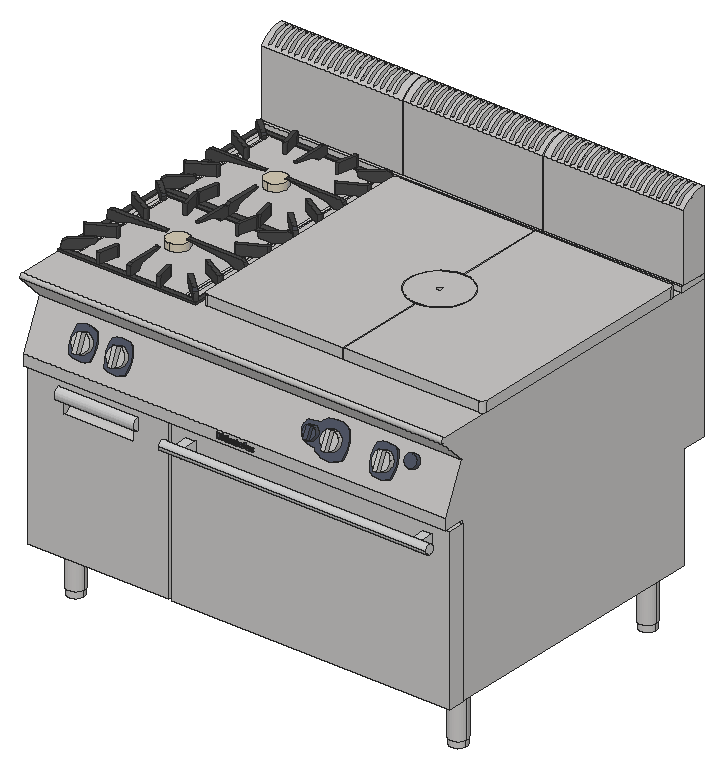
Revit family "QF_ELECTROLUXPROFESSIONAL_391215_E9STGL3031", category Specialty Equipment, Revit 2018 (continued)
Definition of nested family "371009_BURNER"
  Lines and regions (mm)
    symbolic lines
      curve 19: arc (201.85, -176.674, 150) -> (196.85, -171.674, 150) -> (191.85, -176.674, 150) r 5
      curve 20: arc (201.85, -134.556, 150) -> (196.85, -139.556, 150) -> (191.85, -134.556, 150) r 5
      curve 21: line (191.85, -15, 150) -> (118.623, -15, 150)
      curve 22: arc (201.85, -29.042, 150) -> (213.272, -50.008, 150) -> (201.85, -70.973, 150) r 24.953
      curve 23: arc (213.086, -53.048, 150) -> (214.5, -50.008, 150) -> (213.086, -46.967, 150) r 3.975
      curve 24: arc (191.85, -29.852, 150) -> (181.339, -50.008, 150) -> (191.85, -70.163, 150) r 24.58
      curve 25: arc (181.527, -53.042, 150) -> (179.976, -50.008, 150) -> (181.527, -46.973, 150) r 3.745
      curve 26: line (191.85, -0.794, 150) -> (191.85, -134.556, 150)
      curve 27: line (191.85, -350, 150) -> (201.85, -350, 150)
      curve 28: line (191.85, -11.007, 150) -> (201.85, -11.007, 150)
      curve 29: line (191.85, -0.794, 150) -> (201.85, -0.794, 150)
      curve 30: line (201.85, -340.6, 150) -> (275.077, -340.6, 150)
      curve 31: arc (196.85, -145.397, 0) -> (166.955, -172.888, 0) -> (191.85, -204.977, 0) r 30
      curve 32: arc (201.85, -204.977, 0) -> (226.745, -172.888, 0) -> (196.85, -145.397, 0) r 30
      curve 33: arc (158.678, -180.397, 0) -> (170.734, -200.207, 0) -> (191.85, -209.795, 0) r 39.375
      curve 34: line (163.825, -170.397, 150) -> (163.825, -15, 150)
      curve 35: line (229.875, -170.397, 150) -> (229.875, -15, 150)
      curve 36: line (144.775, -170.397, 150) -> (144.775, -15, 150)
      curve 37: line (248.925, -170.397, 150) -> (248.925, -15, 150)
      curve 38: arc (145.678, -180.397, 0) -> (161.728, -209.187, 0) -> (191.85, -222.573, 0) r 52.075
      curve 39: arc (201.85, -209.795, 0) -> (222.966, -200.207, 0) -> (235.022, -180.397, 0) r 39.375
      curve 40: arc (201.85, -222.573, 0) -> (231.931, -209.224, 0) -> (248.001, -180.504, 0) r 52.075
      curve 41: line (393.7, 0, 0) -> (0, 0, 0)
      curve 42: line (70.445, -122.149, 0) -> (7.81, -87.734, 0)
      curve 43: arc (7.81, -87.734, 0) -> (1.021, -89.708, 0) -> (2.995, -96.498, 0) r 5
      curve 44: line (2.995, -96.498, 0) -> (65.629, -130.914, 0)
      curve 45: arc (65.629, -130.914, 0) -> (72.419, -128.939, 0) -> (70.445, -122.149, 0) r 5
      curve 46: line (65.629, -224.686, 0) -> (2.995, -259.102, 0)
      curve 47: arc (2.995, -259.102, 0) -> (1.021, -265.892, 0) -> (7.81, -267.866, 0) r 5
      curve 48: line (7.81, -267.866, 0) -> (70.445, -233.451, 0)
      curve 49: arc (70.445, -233.451, 0) -> (72.419, -226.661, 0) -> (65.629, -224.686, 0) r 5
      curve 50: line (323.255, -122.149, 0) -> (385.89, -87.734, 0)
      curve 51: arc (385.89, -87.734, 0) -> (392.679, -89.708, 0) -> (390.705, -96.498, 0) r 5
      curve 52: line (390.705, -96.498, 0) -> (328.071, -130.914, 0)
      curve 53: arc (328.071, -130.914, 0) -> (321.281, -128.939, 0) -> (323.255, -122.149, 0) r 5
      curve 54: line (328.071, -224.686, 0) -> (390.705, -259.102, 0)
      curve 55: arc (390.705, -259.102, 0) -> (392.679, -265.892, 0) -> (385.89, -267.866, 0) r 5
      curve 56: line (385.89, -267.866, 0) -> (323.255, -233.451, 0)
      curve 57: arc (323.255, -233.451, 0) -> (321.281, -226.661, 0) -> (328.071, -224.686, 0) r 5
      curve 58: line (118.623, -340.6, 150) -> (191.85, -340.6, 150)
      curve 59: line (285.34, -340.6, 150) -> (369.633, -340.6, 150)
      curve 60: line (378.7, -335.314, 0) -> (378.7, -263.916, 0)
      curve 61: line (1.326, -7.935, 0) -> (58.752, -59.804, 0)
      curve 62: line (65.455, -52.383, 0) -> (8.029, -0.514, 0)
      curve 63: arc (58.752, -59.804, 0) -> (65.814, -59.445, 0) -> (65.455, -52.383, 0) r 5
      curve 64: line (1.326, -7.935, 0) -> (8.029, -0.514, 0)
      curve 65: line (392.374, -7.935, 0) -> (334.948, -59.804, 0)
      curve 66: line (328.245, -52.383, 0) -> (385.671, -0.514, 0)
      curve 67: arc (334.948, -59.804, 0) -> (327.886, -59.445, 0) -> (328.245, -52.383, 0) r 5
      curve 68: line (392.374, -7.935, 0) -> (385.671, -0.514, 0)
      curve 69: line (392.374, -347.665, 0) -> (334.948, -295.796, 0)
      curve 70: line (328.245, -303.217, 0) -> (385.671, -355.086, 0)
      curve 71: arc (334.948, -295.796, 0) -> (327.886, -296.155, 0) -> (328.245, -303.217, 0) r 5
      curve 72: line (392.374, -347.665, 0) -> (385.671, -355.086, 0)
      curve 73: line (1.326, -347.665, 0) -> (58.752, -295.796, 0)
      curve 74: line (65.455, -303.217, 0) -> (8.029, -355.086, 0)
      curve 75: arc (58.752, -295.796, 0) -> (65.814, -296.155, 0) -> (65.455, -303.217, 0) r 5
      curve 76: line (1.326, -347.665, 0) -> (8.029, -355.086, 0)
      curve 77: line (347.901, -15, 0) -> (347.901, -34.629, 0)
      curve 78: line (347.901, -320.971, 0) -> (347.901, -340.6, 0)
      curve 79: line (378.7, -252.506, 0) -> (378.7, -180.397, 0)
      curve 80: line (347.901, -246.993, 0) -> (347.901, -307.496, 0)
      curve 81: line (378.7, -170.397, 0) -> (378.7, -103.094, 0)
      curve 82: line (347.901, -180.397, 0) -> (347.901, -235.582, 0)
      curve 83: line (378.7, -91.684, 0) -> (378.7, -20.286, 0)
      curve 84: line (347.901, -120.018, 0) -> (347.901, -170.397, 0)
      curve 85: line (347.901, -48.104, 0) -> (347.901, -108.607, 0)
      curve 86: line (275.077, -15, 150) -> (201.85, -15, 150)
      curve 87: line (108.36, -15, 150) -> (24.067, -15, 150)
      curve 88: line (45.799, -40, 150) -> (45.799, -15, 150)
      curve 89: line (45.799, -108.607, 150) -> (45.799, -40, 150)
      curve 90: line (15, -20.286, 0) -> (15, -91.684, 0)
      curve 91: line (15, -103.094, 0) -> (15, -170.397, 0)
      curve 92: line (45.799, -170.397, 150) -> (45.799, -120.018, 150)
      curve 93: line (45.799, -235.582, 150) -> (45.799, -180.397, 150)
      curve 94: line (15, -263.916, 150) -> (15, -335.314, 150)
      curve 95: line (45.799, -307.496, 150) -> (45.799, -246.993, 150)
      curve 96: line (116.378, -350.325, 0) -> (127.56, -301.889, 0)
      curve 97: arc (127.56, -301.889, 0) -> (123.813, -295.892, 0) -> (117.816, -299.64, 0) r 5
      curve 98: line (117.816, -299.64, 0) -> (106.634, -348.076, 0)
      curve 99: arc (106.634, -348.076, 0) -> (110.381, -354.072, 0) -> (116.378, -350.325, 0) r 5
      curve 100: line (266.14, -301.889, 0) -> (277.322, -350.325, 0)
      curve 101: arc (277.322, -350.325, 0) -> (283.319, -354.072, 0) -> (287.066, -348.076, 0) r 5
      curve 102: line (287.066, -348.076, 0) -> (275.884, -299.64, 0)
      curve 103: arc (275.884, -299.64, 0) -> (269.887, -295.892, 0) -> (266.14, -301.889, 0) r 5
      curve 104: line (275.884, -55.96, 0) -> (287.066, -7.524, 0)
      curve 105: arc (287.066, -7.524, 0) -> (283.319, -1.528, 0) -> (277.322, -5.275, 0) r 5
      curve 106: line (277.322, -5.275, 0) -> (266.14, -53.711, 0)
      curve 107: arc (266.14, -53.711, 0) -> (269.887, -59.708, 0) -> (275.884, -55.96, 0) r 5
      curve 108: line (127.56, -53.711, 0) -> (116.378, -5.275, 0)
      curve 109: arc (116.378, -5.275, 0) -> (110.381, -1.528, 0) -> (106.634, -7.524, 0) r 5
      curve 110: line (106.634, -7.524, 0) -> (117.816, -55.96, 0)
      curve 111: arc (117.816, -55.96, 0) -> (123.813, -59.708, 0) -> (127.56, -53.711, 0) r 5
  Dimensions and locks
    equal spacing: plane 3 "LEFT", plane 7 "Center Y", plane 4 "RIGHT"
    plane 3 "LEFT" to plane 4 "RIGHT" = 393.7 mm
    equal spacing: plane 5 "FRONT", plane 8 "Center X", plane 1 "BACK"
    plane 5 "FRONT" to plane 1 "BACK" = 355.6 mm
    plane 6 "TOP" to level = 908.85 mm
    plane 9 "Base" to level = 150 mm
    plane 6 "TOP" to plane 10 = 58 mm  (x2)
    locked: Extrusion 4 sketch curve to plane 7 "Center Y" at 0
    aligned and locked: level to plane 2
  Automatic sketch dimensions
    curve 10 to plane 4 "RIGHT" = 0 mm
    curve 20 to plane 7 "Center Y" = 0 mm
    curve 19 to plane 7 "Center Y" = 0 mm
    curve 9 to plane 3 "LEFT" = 0 mm
    plane 1 "BACK" to curve 2 = 0 mm
    plane 1 "BACK" to curve 3 = 0 mm
    plane 5 "FRONT" to curve 2 = 0 mm
    curve 4 to plane 4 "RIGHT" = 24.067 mm
    curve 59 to plane 4 "RIGHT" = 24.067 mm
    plane 1 "BACK" to curve 37 = 15 mm
    plane 7 "Center Y" to curve 37 = 52.075 mm
    curve 37 to curve 7 = 12.7 mm
    curve 7 to curve 35 = 6.35 mm
    plane 8 "Center X" to curve 15 = 2.35 mm
    curve 35 to curve 15 = 1.6 mm
    plane 7 "Center Y" to curve 23 = 16.236 mm
    curve 23 to curve 23 = 0 mm
    curve 23 to curve 23 = 2.56 mm
    curve 23 to curve 24 = 4.607 mm
    plane 7 "Center Y" to curve 86 = 5 mm
    plane 7 "Center Y" to curve 27 = 5 mm
    curve 22 to plane 7 "Center Y" = 8.531 mm
    curve 22 to curve 25 = 4.597 mm
    curve 25 to curve 25 = 2.194 mm  (x2)
    curve 9 to plane 8 "Center X" = 2.597 mm
    curve 17 to curve 9 = 24.626 mm
    curve 21 to curve 34 = 28.025 mm
    curve 34 to curve 6 = 6.35 mm
    plane 8 "Center X" to curve 36 = 7.403 mm
    curve 6 to curve 36 = 12.7 mm
    plane 3 "LEFT" to curve 12 = 45.799 mm
    plane 3 "LEFT" to curve 87 = 24.067 mm
    plane 3 "LEFT" to curve 5 = 24.067 mm
    plane 1 "BACK" to curve 26 = 0.794 mm
    curve 28 to curve 86 = 3.993 mm
    curve 28 to curve 21 = 3.993 mm
    curve 86 to curve 22 = 14.042 mm
    curve 22 to curve 24 = 0.81 mm
    curve 22 to curve 23 = 17.925 mm
    curve 25 to curve 22 = 3.035 mm
    plane 8 "Center X" to curve 26 = 43.244 mm
    curve 15 to curve 15 = 5.054 mm
    plane 8 "Center X" to curve 17 = 1.126 mm
    curve 94 to curve 12 = 5.286 mm
    curve 58 to plane 5 "FRONT" = 15 mm
    curve 59 to plane 5 "FRONT" = 15 mm
    curve 8 to plane 5 "FRONT" = 5.6 mm
    plane 3 "LEFT" to Extrusion 1 sketch curve = 0.709 mm
    plane 3 "LEFT" to Extrusion 1 sketch curve = 3.327 mm
    Extrusion 1 sketch curve to Extrusion 1 sketch curve = 10.201 mm
    plane 10 to Extrusion 1 sketch curve = 5 mm  (x2)
    Extrusion 1 sketch curve to Extrusion 1 sketch curve = 29.447 mm
    Extrusion 1 sketch curve to Extrusion 1 sketch curve = 12.704 mm  (x2)
    Extrusion 1 sketch curve to Extrusion 1 sketch curve = 15.555 mm  (x2)
    plane 3 "LEFT" to Extrusion 1 sketch curve = 79.689 mm
    Extrusion 1 sketch curve to plane 7 "Center Y" = 30.161 mm
    Extrusion 1 sketch curve to Extrusion 1 sketch curve = 0.167 mm  (x2)
    plane 7 "Center Y" to Extrusion 1 sketch curve = 29.994 mm
    Extrusion 1 sketch curve to plane 4 "RIGHT" = 79.689 mm
    plane 10 to Extrusion 1 sketch curve = 18.171 mm
    Extrusion 1 sketch curve to plane 4 "RIGHT" = 58.415 mm
    Extrusion 1 sketch curve to plane 4 "RIGHT" = 13.528 mm
    Extrusion 1 sketch curve to plane 4 "RIGHT" = 3.327 mm
    Extrusion 1 sketch curve to plane 4 "RIGHT" = 0.709 mm
    Extrusion 1 sketch curve to Extrusion 1 sketch curve = 23.902 mm  (x2)
    Extrusion 1 sketch curve to plane 6 "TOP" = 26.807 mm  (x2)
    Extrusion 1 sketch curve to Extrusion 1 sketch curve = 1.185 mm  (x2)
    Extrusion 1 sketch curve to Extrusion 1 sketch curve = 5.694 mm
    Extrusion 2 sketch curve to plane 1 "BACK" = 0 mm
    plane 1 "BACK" to Extrusion 2 sketch curve = 10.213 mm
    plane 10 to Extrusion 2 sketch curve = 5 mm  (x2)
    plane 1 "BACK" to Extrusion 2 sketch curve = 29.066 mm
    plane 10 to Extrusion 2 sketch curve = 20.886 mm
    Extrusion 2 sketch curve to Extrusion 2 sketch curve = 22.688 mm  (x2)
    Extrusion 2 sketch curve to plane 10 = 7.392 mm  (x2)
    Extrusion 2 sketch curve to plane 6 "TOP" = 24.425 mm
    Extrusion 2 sketch curve to Extrusion 2 sketch curve = 51.752 mm
    Extrusion 2 sketch curve to plane 6 "TOP" = 26.807 mm  (x2)
    Extrusion 2 sketch curve to Extrusion 2 sketch curve = 0.167 mm  (x2)
    Extrusion 2 sketch curve to plane 8 "Center X" = 68.528 mm
    Extrusion 2 sketch curve to plane 5 "FRONT" = 60.248 mm
    Extrusion 2 sketch curve to Extrusion 2 sketch curve = 2.895 mm
    Extrusion 2 sketch curve to plane 5 "FRONT" = 15.813 mm
    Extrusion 2 sketch curve to plane 5 "FRONT" = 5.6 mm
    Extrusion 2 sketch curve to Extrusion 2 sketch curve = 4.731 mm
    Extrusion 2 sketch curve to Extrusion 2 sketch curve = 23.844 mm
    Extrusion 2 sketch curve to Extrusion 2 sketch curve = 1.185 mm
    plane 1 "BACK" to Extrusion 3 sketch curve = 0 mm
    Extrusion 3 sketch curve to plane 3 "LEFT" = 0 mm
    plane 5 "FRONT" to Extrusion 3 sketch curve = 0 mm
    Extrusion 3 sketch curve to plane 4 "RIGHT" = 0 mm
    plane 1 "BACK" to Extrusion 3 sketch curve = 15 mm
    Extrusion 3 sketch curve to plane 5 "FRONT" = 15 mm
    plane 3 "LEFT" to Extrusion 3 sketch curve = 15 mm
    Extrusion 3 sketch curve to plane 4 "RIGHT" = 15 mm
    Extrusion 3 to Extrusion 4 sketch curve = 159.603 mm
    Extrusion 5 sketch curve to plane 10 = 0 mm
    plane 3 "LEFT" to Extrusion 5 sketch curve = 15 mm
    Extrusion 5 sketch curve to Extrusion 5 sketch curve = 14.402 mm
    plane 10 to Extrusion 5 sketch curve = 5 mm
    Extrusion 5 sketch curve to Extrusion 5 sketch curve = 15.156 mm
    plane 10 to Extrusion 5 sketch curve = 2.933 mm  (x3)
    Extrusion 5 sketch curve to Extrusion 5 sketch curve = 7.716 mm  (x2)
    Extrusion 5 sketch curve to Extrusion 5 sketch curve = 0 mm  (x3)
    Extrusion 5 sketch curve to Extrusion 5 sketch curve = 1.692 mm  (x2)
    Extrusion 5 sketch curve to Extrusion 5 sketch curve = 3.385 mm  (x2)
    Extrusion 5 sketch curve to plane 10 = 3.559 mm  (x2)
    plane 10 to Extrusion 5 sketch curve = 3.679 mm
    Extrusion 5 sketch curve to plane 4 "RIGHT" = 45.799 mm
    Extrusion 5 sketch curve to Extrusion 5 sketch curve = 1.143 mm
    Extrusion 5 sketch curve to plane 10 = 13.244 mm
    Extrusion 5 sketch curve to plane 4 "RIGHT" = 15 mm
    plane 10 to Extrusion 6 sketch curve = 5 mm  (x2)
    Extrusion 6 sketch curve to Extrusion 6 sketch curve = 2.692 mm  (x2)
    Extrusion 6 sketch curve to Extrusion 6 sketch curve = 10.213 mm  (x2)
    plane 10 to Extrusion 6 sketch curve = 12.281 mm
    Extrusion 6 sketch curve to Extrusion 6 sketch curve = 29.348 mm  (x2)
    Extrusion 6 sketch curve to Extrusion 6 sketch curve = 3.155 mm  (x2)
    Extrusion 6 sketch curve to Extrusion 6 sketch curve = 22.572 mm
    Extrusion 6 sketch curve to Extrusion 6 sketch curve = 8.81 mm
    Extrusion 6 sketch curve to Extrusion 6 sketch curve = 9.845 mm  (x2)
    Extrusion 6 sketch curve to Extrusion 6 sketch curve = 3.99 mm  (x2)
    Extrusion 6 sketch curve to Extrusion 6 sketch curve = 0 mm  (x2)
    Extrusion 6 sketch curve to Extrusion 6 sketch curve = 49.533 mm
    Extrusion 6 sketch curve to plane 10 = 64.377 mm
    Extrusion 6 sketch curve to Extrusion 6 sketch curve = 326.397 mm
    Extrusion 6 sketch curve to plane 6 "TOP" = 28.141 mm
    Extrusion 6 sketch curve to Extrusion 6 sketch curve = 16.281 mm
    Extrusion 6 sketch curve to Extrusion 6 sketch curve = 1.035 mm
    Extrusion 6 sketch curve to Extrusion 6 sketch curve = 19.417 mm
    Extrusion 6 sketch curve to Extrusion 6 sketch curve = 4.763 mm  (x2)
    Extrusion 6 sketch curve to Extrusion 6 sketch curve = 3.716 mm
    plane 10 to Extrusion 7 sketch curve = 5 mm  (x2)
    Extrusion 7 sketch curve to Extrusion 7 sketch curve = 2.692 mm  (x2)
    Extrusion 7 sketch curve to Extrusion 7 sketch curve = 10.213 mm  (x2)
    plane 10 to Extrusion 7 sketch curve = 12.281 mm
    Extrusion 7 sketch curve to Extrusion 7 sketch curve = 29.348 mm  (x2)
    Extrusion 7 sketch curve to Extrusion 7 sketch curve = 3.155 mm  (x2)
    Extrusion 7 sketch curve to Extrusion 7 sketch curve = 22.572 mm
    Extrusion 7 sketch curve to Extrusion 7 sketch curve = 8.81 mm
    Extrusion 7 sketch curve to Extrusion 7 sketch curve = 9.845 mm  (x2)
    Extrusion 7 sketch curve to Extrusion 7 sketch curve = 3.99 mm  (x2)
    Extrusion 7 sketch curve to Extrusion 7 sketch curve = 0 mm  (x2)
    Extrusion 7 sketch curve to Extrusion 7 sketch curve = 21.306 mm
    Extrusion 7 sketch curve to plane 10 = 64.377 mm  (x2)
    Extrusion 7 sketch curve to Extrusion 7 sketch curve = 326.397 mm
    Extrusion 7 sketch curve to plane 6 "TOP" = 28.141 mm
    Extrusion 7 sketch curve to Extrusion 7 sketch curve = 16.281 mm
    Extrusion 7 sketch curve to Extrusion 7 sketch curve = 1.035 mm
    Extrusion 7 sketch curve to Extrusion 7 sketch curve = 19.417 mm
    Extrusion 7 sketch curve to Extrusion 7 sketch curve = 7.281 mm
    Extrusion 7 sketch curve to Extrusion 7 sketch curve = 10.713 mm
    curve 58 to curve 12 = 72.824 mm
    curve 30 to curve 30 = 73.227 mm
    curve 58 to curve 5 = 10.263 mm
    curve 5 to curve 58 = 0 mm
    curve 59 to curve 30 = 10.263 mm
    curve 30 to curve 8 = 9.4 mm
    curve 31 to curve 32 = 0 mm
    curve 33 to curve 38 = 0 mm  (x2)
    curve 33 to curve 39 = 0 mm  (x2)
    curve 33 to curve 40 = 0 mm  (x2)
    plane 1 "BACK" to curve 41 = 0 mm
    curve 41 to plane 3 "LEFT" = 0 mm
    curve 31 to plane 7 "Center Y" = 0 mm
    curve 33 to plane 7 "Center Y" = 0 mm
    curve 41 to plane 4 "RIGHT" = 0 mm
    plane 3 "LEFT" to curve 76 = 1.326 mm
    plane 3 "LEFT" to curve 64 = 1.326 mm
    plane 3 "LEFT" to curve 44 = 2.995 mm
    plane 3 "LEFT" to curve 46 = 2.995 mm
    curve 43 to curve 43 = 2.408 mm
    curve 46 to curve 47 = 2.408 mm
    curve 47 to curve 47 = 2.408 mm
    curve 43 to curve 42 = 2.408 mm
    curve 76 to plane 5 "FRONT" = 0.514 mm
    plane 3 "LEFT" to curve 76 = 8.029 mm
    plane 1 "BACK" to curve 62 = 0.514 mm
    plane 3 "LEFT" to curve 62 = 8.029 mm
    curve 48 to curve 75 = 50.941 mm
    curve 43 to curve 63 = 50.941 mm
    curve 75 to curve 75 = 3.351 mm
    curve 63 to curve 63 = 3.351 mm
    plane 1 "BACK" to curve 62 = 52.383 mm
    curve 63 to curve 62 = 3.351 mm
    curve 74 to plane 5 "FRONT" = 52.383 mm
    curve 75 to curve 74 = 3.351 mm
    plane 3 "LEFT" to curve 46 = 65.629 mm
    plane 3 "LEFT" to curve 44 = 65.629 mm
    curve 45 to curve 45 = 2.408 mm
    curve 46 to curve 49 = 2.408 mm
    curve 49 to curve 48 = 2.408 mm
    curve 45 to curve 42 = 2.408 mm
    curve 38 to plane 8 "Center X" = 2.597 mm
    curve 38 to plane 7 "Center Y" = 51.172 mm
    curve 33 to plane 8 "Center X" = 2.597 mm
    curve 38 to curve 33 = 12.999 mm
    curve 33 to plane 7 "Center Y" = 5 mm
    curve 38 to plane 7 "Center Y" = 5 mm
    curve 31 to curve 33 = 0 mm
    plane 7 "Center Y" to curve 32 = 5 mm
    plane 7 "Center Y" to curve 40 = 5 mm
    curve 39 to curve 32 = 0 mm
    curve 39 to plane 8 "Center X" = 2.597 mm
    plane 7 "Center Y" to curve 39 = 38.172 mm
    curve 40 to plane 8 "Center X" = 2.704 mm
    curve 39 to curve 40 = 12.979 mm
    curve 50 to plane 4 "RIGHT" = 70.445 mm
    curve 57 to plane 4 "RIGHT" = 70.445 mm
    curve 50 to curve 53 = 2.408 mm
    curve 57 to curve 57 = 2.408 mm  (x2)
    curve 53 to curve 53 = 2.408 mm
    curve 71 to curve 71 = 3.351 mm
    curve 67 to curve 67 = 3.351 mm
    curve 71 to curve 69 = 3.351 mm
    curve 67 to curve 65 = 3.351 mm
    curve 60 to plane 4 "RIGHT" = 15 mm
    curve 72 to plane 5 "FRONT" = 0.514 mm
    curve 72 to plane 4 "RIGHT" = 8.029 mm
    plane 1 "BACK" to curve 68 = 0.514 mm
    curve 68 to plane 4 "RIGHT" = 8.029 mm
    curve 50 to plane 4 "RIGHT" = 7.81 mm
    curve 55 to plane 4 "RIGHT" = 7.81 mm
    curve 55 to curve 55 = 2.408 mm
    curve 50 to curve 51 = 2.408 mm
    curve 55 to plane 4 "RIGHT" = 2.995 mm
    curve 51 to plane 4 "RIGHT" = 2.995 mm
    curve 69 to plane 4 "RIGHT" = 1.326 mm
    curve 65 to plane 4 "RIGHT" = 1.326 mm
    curve 72 to plane 5 "FRONT" = 7.935 mm
    curve 60 to plane 5 "FRONT" = 20.286 mm
    curve 71 to curve 56 = 27.93 mm
    curve 73 to curve 48 = 27.93 mm
    curve 47 to curve 47 = 4.382 mm
    curve 55 to curve 55 = 4.382 mm
    curve 56 to plane 8 "Center X" = 55.651 mm
    curve 48 to plane 8 "Center X" = 55.651 mm
    curve 57 to curve 57 = 4.382 mm
    curve 49 to curve 49 = 4.382 mm
    curve 40 to plane 8 "Center X" = 44.773 mm
    curve 39 to curve 32 = 4.818 mm
    plane 8 "Center X" to curve 31 = 2.403 mm
    plane 8 "Center X" to curve 45 = 46.886 mm
    plane 8 "Center X" to curve 52 = 46.886 mm
    curve 53 to curve 53 = 4.382 mm
    curve 45 to curve 45 = 4.382 mm
    curve 53 to curve 52 = 34.416 mm
    curve 44 to curve 61 = 36.694 mm
    curve 43 to curve 43 = 4.382 mm
    curve 51 to curve 51 = 4.382 mm
    curve 51 to curve 65 = 27.93 mm
    plane 1 "BACK" to curve 83 = 20.286 mm
    plane 1 "BACK" to curve 88 = 15 mm
    plane 1 "BACK" to curve 77 = 15 mm
    curve 77 to curve 83 = 30.799 mm
    curve 78 to plane 5 "FRONT" = 15 mm
    curve 80 to curve 71 = 7.989 mm
    curve 78 to curve 60 = 30.799 mm
    curve 78 to curve 80 = 13.475 mm
    curve 55 to curve 79 = 10.979 mm
    curve 82 to curve 57 = 6.514 mm
    curve 80 to curve 78 = 0 mm
    curve 80 to curve 82 = 11.41 mm
    curve 77 to curve 66 = 37.77 mm
    curve 60 to curve 79 = 11.41 mm
    plane 8 "Center X" to curve 81 = 7.403 mm
    plane 8 "Center X" to curve 84 = 7.403 mm
    curve 82 to plane 8 "Center X" = 2.597 mm
    curve 82 to curve 84 = 0 mm
    curve 79 to plane 8 "Center X" = 2.597 mm
    curve 79 to curve 81 = 0 mm
    curve 81 to curve 51 = 10.979 mm
    curve 53 to curve 85 = 17.924 mm
    curve 84 to curve 81 = 30.799 mm
    curve 84 to curve 85 = 11.41 mm
    curve 52 to curve 84 = 19.83 mm
    curve 81 to curve 83 = 11.41 mm
    curve 67 to curve 85 = 7.989 mm
    curve 85 to curve 77 = 0 mm
    curve 85 to curve 77 = 13.475 mm
    curve 86 to curve 37 = 26.152 mm
    curve 4 to curve 86 = 10.263 mm
    curve 86 to curve 4 = 0 mm
    curve 36 to curve 21 = 26.152 mm
    curve 88 to curve 88 = 25 mm
    plane 8 "Center X" to curve 89 = 69.193 mm
    curve 43 to curve 90 = 9.597 mm
    curve 43 to curve 90 = 0.432 mm
    plane 1 "BACK" to curve 90 = 20.286 mm
    curve 93 to plane 8 "Center X" = 2.597 mm
    plane 8 "Center X" to curve 91 = 7.403 mm
    curve 95 to plane 8 "Center X" = 69.193 mm
    curve 93 to curve 94 = 28.333 mm
    curve 95 to curve 12 = 33.104 mm
    curve 21 to curve 87 = 10.263 mm
    curve 87 to curve 21 = 0 mm
    curve 91 to curve 90 = 11.41 mm
    curve 89 to curve 87 = 21.732 mm
    curve 89 to curve 92 = 11.41 mm
    curve 92 to curve 89 = 0 mm
    plane 8 "Center X" to curve 92 = 7.403 mm
    curve 91 to curve 90 = 0 mm
    curve 93 to curve 95 = 0 mm
    curve 93 to curve 95 = 11.41 mm
    curve 11 to curve 94 = 0 mm
    curve 11 to curve 94 = 11.41 mm
    curve 95 to curve 11 = 30.799 mm
    curve 95 to curve 12 = 13.475 mm
    plane 3 "LEFT" to curve 95 = 45.799 mm
    curve 95 to curve 5 = 33.104 mm
    Extrusion 8 sketch curve to Extrusion 3 = 5.275 mm  (x2)
    Extrusion 8 sketch curve to Extrusion 8 sketch curve = 1.125 mm  (x16)
    Extrusion 3 to Extrusion 8 sketch curve = 38.711 mm  (x2)
    Extrusion 8 sketch curve to Extrusion 3 = 7.19 mm  (x3)
    Extrusion 3 to Extrusion 8 sketch curve = 72.734 mm  (x2)
    Extrusion 8 sketch curve to Extrusion 8 sketch curve = 4.382 mm  (x16)
    Extrusion 8 sketch curve to Extrusion 3 = 2.995 mm  (x4)
    Extrusion 8 sketch curve to Extrusion 8 sketch curve = 34.416 mm  (x4)
    Extrusion 3 to Extrusion 8 sketch curve = 50.629 mm  (x3)
    Extrusion 8 sketch curve to Extrusion 8 sketch curve = 93.773 mm  (x2)
    Extrusion 3 to Extrusion 8 sketch curve = 40.96 mm  (x2)
    Extrusion 8 sketch curve to Extrusion 3 = 7.476 mm  (x2)
    Extrusion 8 sketch curve to Extrusion 8 sketch curve = 2.408 mm  (x4)
    Extrusion 3 to Extrusion 8 sketch curve = 91.634 mm  (x2)
    Extrusion 8 sketch curve to Extrusion 8 sketch curve = 4.872 mm  (x8)
    Extrusion 8 sketch curve to Extrusion 8 sketch curve = 11.182 mm  (x4)
    Extrusion 3 to Extrusion 8 sketch curve = 112.56 mm
    Extrusion 8 sketch curve to Extrusion 8 sketch curve = 61.931 mm
    Extrusion 3 to Extrusion 8 sketch curve = 55.445 mm
    Extrusion 8 sketch curve to Extrusion 8 sketch curve = 4.816 mm
    curve 67 to curve 85 = 19.656 mm
    curve 71 to curve 80 = 19.656 mm
    curve 99 to plane 5 "FRONT" = 7.524 mm
    curve 74 to curve 99 = 41.179 mm
    curve 98 to curve 99 = 4.872 mm
    curve 96 to plane 5 "FRONT" = 5.275 mm
    curve 99 to curve 96 = 4.872 mm
    curve 99 to curve 98 = 11.182 mm
    curve 98 to curve 97 = 4.872 mm
    curve 96 to plane 5 "FRONT" = 53.711 mm
    curve 97 to curve 96 = 4.872 mm
    curve 97 to curve 97 = 1.125 mm
    curve 103 to curve 70 = 62.105 mm
    curve 103 to curve 103 = 4.872 mm  (x2)
    curve 100 to plane 5 "FRONT" = 5.275 mm
    curve 100 to curve 100 = 11.182 mm
    curve 101 to curve 101 = 4.872 mm
    curve 102 to plane 5 "FRONT" = 7.524 mm
    curve 101 to curve 102 = 4.872 mm
    curve 100 to curve 100 = 48.436 mm
    curve 103 to curve 103 = 1.125 mm
    curve 106 to curve 67 = 62.105 mm
    curve 107 to curve 107 = 4.872 mm
    plane 1 "BACK" to curve 104 = 55.96 mm
    curve 107 to curve 104 = 4.872 mm
    plane 1 "BACK" to curve 105 = 5.275 mm
    curve 107 to curve 105 = 11.182 mm
    curve 105 to curve 105 = 4.872 mm  (x2)
    curve 107 to curve 107 = 1.125 mm
    plane 1 "BACK" to curve 104 = 7.524 mm
    plane 1 "BACK" to curve 109 = 7.524 mm
    curve 62 to curve 109 = 41.179 mm
    curve 109 to curve 109 = 4.872 mm
    plane 1 "BACK" to curve 108 = 5.275 mm
    curve 109 to curve 108 = 4.872 mm
    curve 110 to curve 111 = 11.182 mm
    curve 110 to curve 111 = 4.872 mm
    plane 1 "BACK" to curve 108 = 53.711 mm
    curve 111 to curve 108 = 4.872 mm
    curve 111 to curve 108 = 2.25 mm
    radius of Extrusion 4 sketch curve = 30 mm
